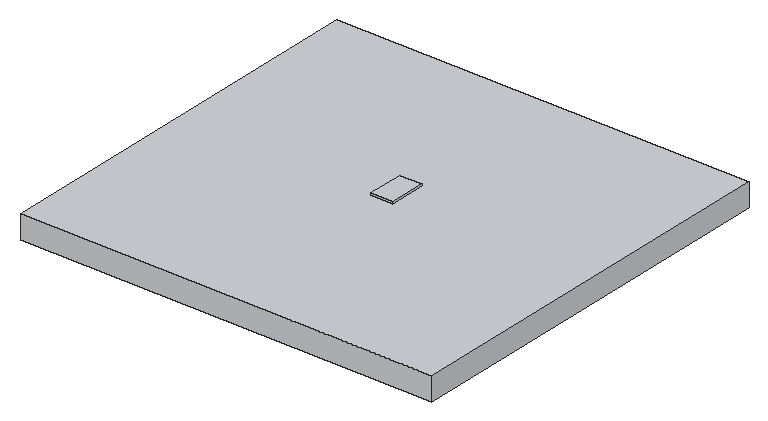
Revit family "M_Recipiente - 220V", category Iluminação elétrica, Revit 2019
Family settings
  Hospedeiro = Face
  Manter orientação da anotação = Sim
  Cota do conector redondo = Utilizar diâmetro
  Tipo de parte = Normal
  Número OmniClass = 23.80.50.11.17
  Título OmniClass = Ground Fault Receptacles
  ID de item do Seek = Receptacle - 220V-0000-CAN-ENU
  Corte com vazios quando carregada = Não
  Compartilhado = Não
  Ponto de cálculo do ambiente = Não
Parameters (values of type "Padrão")
  Voltagem do interruptor = 220 V
  Classificação de carga = Receptáculo
  Carga = 180 VA
  Elevação-padrão = 460 mm
  Assembly Code = ""
Reference planes
  plane 1 "Centro (Frente/Trás)": y = 0
  plane 2: z = 0
  plane 3 "Centro (Esquerda/Direita)": x = 0
  plane 4: x = -34.925
  plane 5: x = 34.925
  plane 6: x = -19.05
  plane 7: x = 19.05
  plane 8: y = 57.15
  plane 9: y = -57.15
  plane 10: y = 38.1
  plane 11: y = -38.1
  plane 12 "nível acima": z = 4.762
  plane 13 "nível abaixo": z = -53.975
Forms (mm)
  Extrusion 1, solid
    sketch origin (0, 0, 0) x (1, 0, 0) y (0, 1, 0)
      loop
        line (-644.525, 571.5) -> (-644.525, -666.75) -> (644.525, -666.75) -> (644.525, 571.5) -> (-644.525, 571.5)
    from 0 to -72.672
  Extrusion 2, solid
    sketch origin (0, 0, 0) x (1, 0, 0) y (0, 1, 0)
      loop
        line (-34.925, 57.15) -> (-34.925, -57.15) -> (34.925, -57.15) -> (34.925, 57.15) -> (-34.925, 57.15)
    from 0 to 4.762
  Extrusion 3, solid
    sketch origin (0, 0, 0) x (1, 0, 0) y (0, 1, 0)
      loop
        line (-19.05, 38.1) -> (-19.05, -38.1) -> (19.05, -38.1) -> (19.05, 38.1) -> (-19.05, 38.1)
    from 0 to -53.975
Lines and regions (mm)
  symbolic lines, detail levels fine
    curve 1: line (34.925, 0, 0) -> (-34.925, 0, 0)
    curve 2: line (34.925, 0, 4.762) -> (34.925, 0, 0)
    curve 3: line (-34.925, 0, 4.762) -> (34.925, 0, 4.762)
    curve 4: line (-34.925, 0, 0) -> (-34.925, 0, 4.762)
    curve 5: line (19.05, 0, -53.975) -> (-19.05, 0, -53.975)
    curve 6: line (19.05, 0, 0) -> (19.05, 0, -53.975)
    curve 7: line (-19.05, 0, -53.975) -> (-19.05, 0, 0)
Dimensions and locks
  equal spacing: plane 6, plane 3 "Centro (Esquerda/Direita)", plane 7, locked at 19.05 each
  locked: plane 6 to plane 7 at 38.1
  equal spacing: plane 4, plane 3 "Centro (Esquerda/Direita)", plane 5, locked at 34.925 each
  locked: plane 4 to plane 5 at 69.85
  locked: plane 8 to plane 9 at 114.3
  locked: plane 12 "nível acima" to level at 4.763
  locked: level to plane 13 "nível abaixo" at 53.975
  locked: plane 10 to plane 11 at 76.2
  equal spacing: plane 10, plane 1 "Centro (Frente/Trás)", plane 11, locked at 38.1 each
  equal spacing: plane 8, plane 1 "Centro (Frente/Trás)", plane 9, locked at 57.15 each
  aligned and locked: plane 2 to Extrusion 1
  aligned and locked: level to Extrusion 1
  aligned and locked: plane 8 to Extrusion 2
  aligned and locked: Extrusion 2 to plane 9
  aligned and locked: plane 5 to Extrusion 2
  aligned and locked: Extrusion 2 to plane 4
  aligned and locked: Extrusion 2 to level
  aligned and locked: plane 12 "nível acima" to Extrusion 2
  aligned and locked: plane 10 to Extrusion 3
  aligned and locked: Extrusion 3 to plane 6
  aligned and locked: plane 7 to Extrusion 3
  aligned and locked: Extrusion 3 to plane 11
  aligned and locked: Extrusion 3 to level
  aligned and locked: Extrusion 3 to plane 13 "nível abaixo"
  aligned and locked: curve 4 to plane 4
  aligned and locked: plane 5 to curve 2
  aligned and locked: curve 3 to plane 12 "nível acima"
  aligned and locked: plane 2 to curve 1
  aligned and locked: curve 7 to plane 6
  aligned and locked: plane 7 to curve 6
  aligned and locked: plane 13 "nível abaixo" to curve 5
  aligned and locked: plane 1 "Centro (Frente/Trás)" to nested 1
  aligned and locked: plane 3 "Centro (Esquerda/Direita)" to nested 1
Automatic sketch dimensions
  Extrusion 2 sketch curve to plane 4 = 0 mm
  Extrusion 2 sketch curve to plane 5 = 0 mm
  Extrusion 2 sketch curve to plane 9 = 0 mm
  Extrusion 2 sketch curve to plane 8 = 0 mm
  Extrusion 3 sketch curve to plane 6 = 0 mm
  Extrusion 3 sketch curve to plane 7 = 0 mm
  Extrusion 3 sketch curve to plane 11 = 0 mm
  Extrusion 3 sketch curve to plane 10 = 0 mm
  Extrusion 1 sketch curve to Extrusion 1 sketch curve = 1289.05 mm
  Extrusion 1 sketch curve to Extrusion 1 sketch curve = 1238.25 mm
Nested families
  nested 1: "M_Tomada - Anotação de 220V" at (0, 0, 0), type "Tomada - Anotação de 220V", detail levels coarse+medium
Connectors
  electrical at (0, 38.1, -26.988), driven by "Voltagem do interruptor", driven by "Carga", driven by "Classificação de carga"
    settings: on Extrusion 3, index 1, voltage 220 V, apparent load 0 VA, apparent load phase1 180 VA, apparent load phase2 0 VA, apparent load phase3 0 VA, power factor 1, load classification "Receptáculo", number of poles 1, system type 31, power factor state 1, is connector primary yes, connector utility no, sub classification motor no, connector description ""
Definition of nested family "M_Tomada - Anotação de 220V"
  Parameters
    Anotação de legenda = ""
  Reference planes
    plane 1: y = 0
    plane 2: x = 0
  Lines and regions (mm)
    reference lines
      curve 1: line (-36.901, 3.175, 0) -> (64.699, 3.175, 0)
    detail lines
      curve 2: circle (0, 3.175, 0) r 1.588 normal (0, 0, 1)
      curve 3: line (0, 4.763, 0) -> (0, 0, 0)
      curve 4: line (-0.397, 4.712, 0) -> (-0.397, 0, 0)
      curve 5: line (0.397, 4.712, 0) -> (0.397, 0, 0)
  Dimensions and locks
    locked: plane 1 to curve 1 at 3.175
    locked: curve 4 to plane 2 at 0.397
    locked: plane 2 to curve 5 at 0.397
    radius of curve 2 = 1.588 mm
    aligned and locked: curve 1 to curve 2
    aligned and locked: plane 2 to curve 2
    aligned and locked: plane 1 to curve 5
    aligned and locked: plane 1 to curve 4
    aligned and locked: plane 1 to curve 3
    aligned and locked: curve 3 to plane 2
